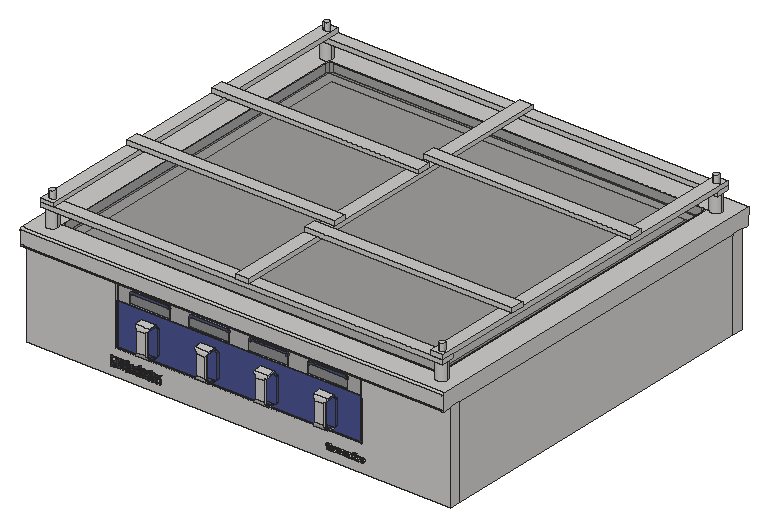
Revit family "QF_ELECTROLUXPROFESSIONAL_589843_MCIDAAJODM", category Attrezzature speciali, Revit 2020 (continued)
Definition of nested family "Front_Panel_W1000_4 Knobs"
  Definition of nested family "ELX_Professional_Logo_Small"
    Forms (mm)
      Extrusion 2, solid, material <- "Material_Logo"
        sketch origin (15.5, 0, 0) x (1, 0, 0) y (0, 1, 0)
          loop
            line (40.457, -0.243) -> (38.894, 1.942) -> (40.83, 4.579) -> (42.488, 6.837) -> (39.782, 6.837) -> (37.53, 3.719) -> (35.258, 6.837) -> (32.573, 6.837) -> (34.113, 4.731) -> (36.167, 1.922) -> (34.014, -1.076) -> (32.222, -3.573) -> (34.887, -3.573) -> (37.53, 0.104) -> (40.174, -3.573) -> (42.839, -3.573) -> (40.457, -0.243)
          loop
            line (-46.121, -5.837) -> (-48.039, -5.837) -> (-48.039, -10.814) -> (-47.016, -10.814) -> (-47.016, -9.128) -> (-46.121, -9.128)
            arc (-46.121, -9.128) -> (-44.476, -7.482) -> (-46.121, -5.837) r 1.645
          loop
            line (-46.163, -6.778) -> (-47.016, -6.778) -> (-47.016, -8.187) -> (-46.163, -8.187)
            arc (-46.163, -8.187) -> (-45.458, -7.482) -> (-46.163, -6.778) r 0.704
          loop
            line (-38.313, -5.837) -> (-40.265, -5.837) -> (-40.265, -10.814) -> (-39.241, -10.814) -> (-39.241, -9.1) -> (-38.46, -9.182) -> (-37.48, -10.814) -> (-36.318, -10.814) -> (-37.513, -8.848)
            arc (-37.513, -8.848) -> (-36.888, -8.266) -> (-36.671, -7.441) r 1.536
            arc (-36.671, -7.441) -> (-37.165, -6.305) -> (-38.313, -5.837) r 1.643
          loop
            arc (-38.402, -8.166) -> (-37.707, -7.505) -> (-38.334, -6.778) r 0.696
            line (-38.334, -6.778) -> (-39.241, -6.778) -> (-39.241, -8.166) -> (-38.402, -8.166)
          loop
            circle (-29.965, -8.325) r 2.585
          loop
            circle (-29.965, -8.325) r 1.64
          loop
            line (-23.1, -5.837) -> (-23.1, -10.814) -> (-22.076, -10.814) -> (-22.076, -8.768) -> (-20.204, -8.768) -> (-20.204, -7.828) -> (-22.076, -7.828) -> (-22.076, -6.778) -> (-20.024, -6.778) -> (-20.024, -5.837) -> (-23.1, -5.837)
          loop
            line (-15.802, -5.837) -> (-15.802, -9.2)
            arc (-15.802, -9.2) -> (-15.343, -10.34) -> (-14.209, -10.814) r 1.593
            line (-14.209, -10.814) -> (-12.602, -10.814) -> (-12.602, -10.027) -> (-14.004, -10.027)
            arc (-14.004, -10.027) -> (-14.552, -9.8) -> (-14.779, -9.252) r 0.775
            line (-14.779, -9.252) -> (-14.779, -8.424) -> (-12.789, -8.424) -> (-12.789, -7.642) -> (-14.779, -7.642) -> (-14.779, -6.778) -> (-12.651, -6.778) -> (-12.651, -5.837) -> (-15.802, -5.837)
          loop
            line (-5.909, -7.143) -> (-5.173, -6.638)
            arc (-5.173, -6.638) -> (-5.855, -5.974) -> (-6.781, -5.755) r 1.782
            arc (-6.781, -5.755) -> (-7.397, -5.878) -> (-7.944, -6.189) r 1.974
            arc (-7.944, -6.189) -> (-8.202, -6.5) -> (-8.317, -6.888) r 1.013
            arc (-8.317, -6.888) -> (-8.306, -7.341) -> (-8.192, -7.78) r 1.985
            arc (-8.192, -7.78) -> (-7.749, -8.259) -> (-7.171, -8.563) r 1.928
            arc (-7.171, -8.563) -> (-6.637, -8.779) -> (-6.131, -9.056) r 5.041
            arc (-6.131, -9.056) -> (-5.934, -9.387) -> (-6.09, -9.74) r 0.42
            arc (-6.09, -9.74) -> (-6.631, -9.96) -> (-7.204, -9.845) r 1.016
            arc (-7.204, -9.845) -> (-7.625, -9.603) -> (-7.889, -9.196) r 1.033
            line (-7.889, -9.196) -> (-8.67, -9.686)
            arc (-8.67, -9.686) -> (-8.361, -10.198) -> (-7.908, -10.589) r 1.914
            arc (-7.908, -10.589) -> (-7.334, -10.834) -> (-6.714, -10.896) r 2.063
            arc (-6.714, -10.896) -> (-5.947, -10.743) -> (-5.256, -10.376) r 2.696
            arc (-5.256, -10.376) -> (-4.95, -9.565) -> (-5.108, -8.712) r 1.618
            arc (-5.108, -8.712) -> (-5.448, -8.319) -> (-5.884, -8.035) r 1.876
            arc (-5.884, -8.035) -> (-6.434, -7.789) -> (-6.999, -7.577) r 9.883
            arc (-6.999, -7.577) -> (-7.325, -7.07) -> (-6.854, -6.694) r 0.45
            arc (-6.854, -6.694) -> (-6.329, -6.809) -> (-5.909, -7.143) r 1.197
          loop
            line (1.61, -7.143) -> (2.345, -6.638)
            arc (2.345, -6.638) -> (1.663, -5.974) -> (0.737, -5.755) r 1.782
            arc (0.737, -5.755) -> (0.121, -5.878) -> (-0.425, -6.189) r 1.974
            arc (-0.425, -6.189) -> (-0.683, -6.5) -> (-0.799, -6.888) r 1.013
            arc (-0.799, -6.888) -> (-0.788, -7.341) -> (-0.674, -7.78) r 1.985
            arc (-0.674, -7.78) -> (-0.231, -8.259) -> (0.347, -8.563) r 1.928
            arc (0.347, -8.563) -> (0.881, -8.779) -> (1.387, -9.056) r 5.041
            arc (1.387, -9.056) -> (1.584, -9.387) -> (1.428, -9.74) r 0.42
            arc (1.428, -9.74) -> (0.887, -9.96) -> (0.314, -9.845) r 1.016
            arc (0.314, -9.845) -> (-0.107, -9.603) -> (-0.371, -9.196) r 1.033
            line (-0.371, -9.196) -> (-1.152, -9.686)
            arc (-1.152, -9.686) -> (-0.842, -10.198) -> (-0.39, -10.589) r 1.914
            arc (-0.39, -10.589) -> (0.184, -10.834) -> (0.804, -10.896) r 2.063
            arc (0.804, -10.896) -> (1.572, -10.743) -> (2.263, -10.376) r 2.696
            arc (2.263, -10.376) -> (2.568, -9.565) -> (2.411, -8.712) r 1.618
            arc (2.411, -8.712) -> (2.07, -8.319) -> (1.635, -8.035) r 1.876
            arc (1.635, -8.035) -> (1.084, -7.789) -> (0.519, -7.577) r 9.883
            arc (0.519, -7.577) -> (0.193, -7.07) -> (0.665, -6.694) r 0.45
            arc (0.665, -6.694) -> (1.189, -6.809) -> (1.61, -7.143) r 1.197
          loop
            line (6.801, -5.837) -> (6.801, -10.814) -> (7.825, -10.814) -> (7.825, -5.837) -> (6.801, -5.837)
          loop
            circle (14.724, -8.325) r 1.548
          loop
            circle (14.724, -8.325) r 2.585
          loop
            line (21.59, -10.814) -> (22.623, -10.814) -> (22.623, -7.685) -> (24.9, -10.814) -> (25.895, -10.814) -> (25.895, -5.837) -> (24.861, -5.837) -> (24.861, -9.061) -> (22.585, -5.837) -> (21.59, -5.837) -> (21.59, -10.814)
          loop
            line (31.054, -10.814) -> (31.539, -9.74) -> (33.38, -9.74) -> (33.865, -10.814) -> (34.965, -10.814) -> (32.46, -5.837) -> (29.956, -10.814) -> (31.054, -10.814)
          loop
            line (32.46, -7.698) -> (31.999, -8.719) -> (32.921, -8.719) -> (32.46, -7.698)
          loop
            line (40.047, -9.873) -> (40.047, -5.837) -> (39.024, -5.837) -> (39.024, -10.814) -> (41.961, -10.814) -> (41.961, -9.873) -> (40.047, -9.873)
          loop
            line (-74.986, -10.814) -> (-53.322, -10.814) -> (-53.322, 10.82) -> (-74.986, 10.82) -> (-74.986, -10.814)
          loop
            line (-61.261, 9.758) -> (-61.261, -9.707)
            arc (-61.261, -9.707) -> (-54.066, 0.025) -> (-61.261, 9.758) r 10.18
          loop
            line (-62.251, 8.349) -> (-62.251, 9.758)
            arc (-62.251, 9.758) -> (-70.347, 7.918) -> (-74.247, 0.59) r 9.976
            line (-74.247, 0.59) -> (-71.026, 0.59)
            arc (-71.026, 0.59) -> (-65.274, 2.925) -> (-62.251, 8.349) r 9.351
          loop
            arc (-74.247, -0.539) -> (-70.353, -7.928) -> (-62.251, -9.957) r 10.237
            line (-62.251, -9.957) -> (-62.251, -8.298)
            arc (-62.251, -8.298) -> (-65.274, -2.874) -> (-71.026, -0.539) r 9.351
            line (-71.026, -0.539) -> (-74.247, -0.539)
        from 0 to 1.644
    Dimensions and locks
      aligned and locked: plane 2 to Extrusion 1
      aligned and locked: level to Extrusion 1
